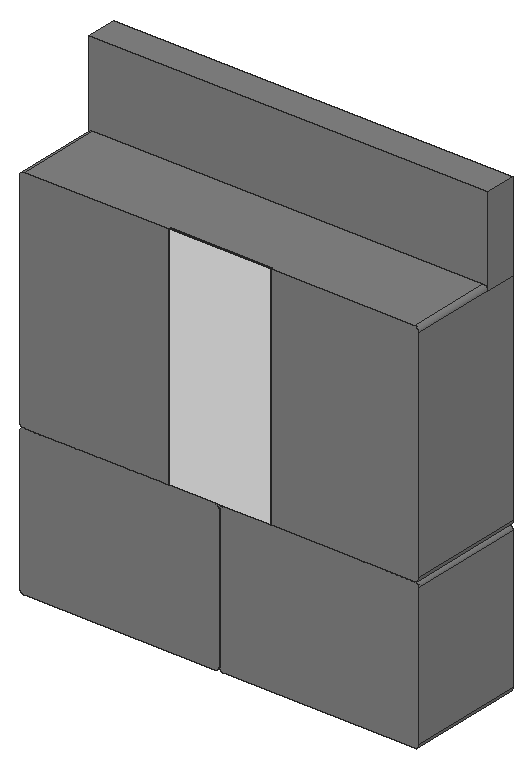
Revit family "Evoflat 4.0W_RFA_1", category Mechanical Equipment, Revit 2019
Family settings
  Round Connector Dimension = Use Diameter
  Classification = None
  Part Type = Normal
  OmniClass Number = 23.75.65.11.11
  OmniClass Title = Heating Controllers
  Work Plane-Based = No
  Always vertical = Yes
  Cut with Voids When Loaded = No
  Shared = No
  Room Calculation Point = No
Parameters (values of type "Evoflat 4.0W_Type 1_Cu_183B3000")
  Weight = 9.30 kg  # constant formula
  W1 = 44 mm
  W = 155 mm
  Voltage = 230 V
  URL = "https://store.danfoss.com/en/Climate-Solutions-for-heating/Stations/Instantaneous-water-heaters-with-heat-exchanger/c/4063?q=%3Arelevance%3Adanfoss_producttypehierarchydesc%3AEvoFlat+4.0W&text="
  Type Image = <None>
  Type Comments = ""
  Top [instance] = if(or(Clearance Zone Visibility, Clearance Zone Top Visibility), 1 = 1, 1 = 0)  # no
  Right [instance] = if(or(Clearance Zone Visibility, Clearance Zone Right Visibility), 1 = 1, 1 = 0)  # no
  Pressure Drop (HE) [instance] = 0.0 Pa
  Pressure Drop (DHW) [instance] = 0.0 Pa
  Pressure Drop (DCW) [instance] = 0.0 Pa
  Power [instance] = 0 VA
  Nut size = 30 mm
  Nominal Pressure = "PN 10"  # constant formula
  Model Type = "Evoflat 4.0W_Type 1_Cu"
  Model (Austria) = "183B3004"
  Model = "183B3000"
  Max Supply Temperature = "95 °C"  # constant formula
  Manufacturer = "Danfoss"  # constant formula
  Left [instance] = if(or(Clearance Zone Visibility, Clearance Zone Left Visibility), 1 = 1, 1 = 0)  # no
  LOD 350 = not(LOD 200)  # yes
  LOD 200 = no
  L1a = 44 mm
  L1 = 96 mm
  L = 530 mm
  Insulation Material = Danfoss EPP insulation
  IfcExportType = "EvoFlat 4.0 W"  # constant formula
  IfcExportAs = "IfcFlowController"  # constant formula
  HEX material = Danfoss Copper
  H3 = 111 mm
  H2 = 8 mm
  H1 = 10 mm
  H = 613 mm
  Front [instance] = if(or(Clearance Zone Visibility, Clearance Zone Front Visibility), 1 = 1, 1 = 0)  # no
  Flow (HE) [instance] = 0.0 L/s
  Flow (DHW) [instance] = 0.0 L/s
  Flow (DCW) [instance] = 0.0 L/s
  Description = "Flat Station"  # constant formula
  DHW capacity = 43 kW
  DHW Temperature DHS/DHR = "65/16 °C"
  DHW Tap Load 50°C = "15.4 l/min"
  DHW Pressure Loss Primary = "32 kPa"
  DHW Flow Rate Primary = "750 l/h"
  D = 20 mm
  Connection = "G 3/4 Internal Thread"  # constant formula
  Clearance Zone Visibility [instance] = no
  Clearance Zone Top Visibility [instance] = no
  Clearance Zone Top [instance] = 25 mm
  Clearance Zone Right Visibility [instance] = no
  Clearance Zone Right [instance] = 50 mm
  Clearance Zone Left Visibility [instance] = no
  Clearance Zone Left [instance] = 50 mm
  Clearance Zone Front Visibility [instance] = no
  Clearance Zone Front [instance] = 150 mm
  Clearance Zone Bottom Visibility [instance] = no
  Clearance Zone Bottom [instance] = 25 mm
  Bottom [instance] = if(or(Clearance Zone Visibility, Clearance Zone Bottom Visibility), 1 = 1, 1 = 0)  # no
  Assembly Code = ""
Types (8, lengths in mm): name | Model Type | Model (Austria) | Model | HEX material | DHW capacity | DHW Temperature DHS/DHR | DHW Tap Load 50°C | DHW Pressure Loss Primary | DHW Flow Rate Primary
  Evoflat 4.0W_Type 1_Cu_183B3000 | "Evoflat 4.0W_Type 1_Cu" | "183B3004" | "183B3000" | Danfoss Copper | 43 kW | "65/16 °C" | "15.4 l/min" | "32 kPa" | "750 l/h"
  Evoflat 4.0W_Type 3_Cu_183B3002 | "Evoflat 4.0W_Type 3_Cu" | "183B3006" | "183B3002" | Danfoss Copper | 55 kW | "65/15 °C" | "19.8 l/min" | "40 kPa" | "943 l/h"
  Evoflat 4.0W_Type 2_Cu_183B3001 | "Evoflat 4.0W_Type 2_Cu" | "183B3005" | "183B3001" | Danfoss Copper | 49 kW | "65/15 °C" | "17.6 l/min" | "35 kPa" | "844 l/h"
  Evoflat 4.0W_Type 4_Cu_183B3003 | "Evoflat 4.0W_Type 4_Cu" | "183B3007" | "183B3003" | Danfoss Copper | 70 kW | "65/14 °C" | "25.2 l/min" | "57 kPa" | "1197 l/h"
  Evoflat 4.0W_Type 1_Sts_183B3500 | "Evoflat 4.0W_Type 1_Sts" | "183B3504" | "183B3500" | Danfoss Stainless Steel | 43 kW | "65/16 °C" | "15.4 l/min" | "32 kPa" | "750 l/h"
  Evoflat 4.0W_Type 2_Sts_183B3501 | "Evoflat 4.0W_Type 2_Sts" | "183B3505" | "183B3501" | Danfoss Stainless Steel | 49 kW | "65/15 °C" | "17.6 l/min" | "35 kPa" | "844 l/h"
  Evoflat 4.0W_Type 3_Sts_183B3502 | "Evoflat 4.0W_Type 3_Sts" | "183B3506" | "183B3502" | Danfoss Stainless Steel | 55 kW | "65/15 °C" | "19.8 l/min" | "40 kPa" | "943 l/h"
  Evoflat 4.0W_Type 4_Sts_183B3503 | "Evoflat 4.0W_Type 4_Sts" | "183B3507" | "183B3503" | Danfoss Stainless Steel | 70 kW | "65/14 °C" | "25.2 l/min" | "57 kPa" | "1197 l/h"
Reference planes
  plane 1 "Center (Front/Back)": y = 0
  plane 2: z = 0
  plane 3 "Center (Left/Right)": x = 0
  plane 4: y = -44
  plane 5: x = -265
  plane 6: x = 265
  plane 7: z = 613
  plane 8: y = -155
  plane 9: z = 10
  plane 10: z = -8
  plane 11: z = 502
  plane 12: x = -169
  plane 13: x = 221
  plane 14: y = -41.5
  plane 15: z = 198
Forms (mm)
  Extrusion 1, solid, material "Danfoss EPP insulation", visible <- "LOD 200", detail levels fine
    sketch origin (0, 0, 0) x (1, 0, 0) y (0, 0, 1)
      loop
        line (-265, 502) -> (-265, 0) -> (265, 0) -> (265, 502) -> (-265, 502)
    from 0 to 155 <- "W"
  Extrusion 2, solid, material "Danfoss Brass", detail levels fine
    sketch origin (0, 0, 0) x (1, 0, 0) y (0, 1, 0)
      loop
        line (-169, -26.679) -> (-184, -35.34) -> (-184, -52.66) -> (-169, -61.321) -> (-154, -52.66) -> (-154, -35.34) -> (-169, -26.679)
    from -8 to 10
  Extrusion 3, solid, visible <- "Front"
    sketch origin (15, -155, 238.394) x (1, 0, 0) y (0, 0, 1)
      loop
        line (-280, 374.606) -> (-280, -238.394) -> (250, -238.394) -> (250, 374.606) -> (-280, 374.606)
    from 150 <- "Clearance Zone Front" to 0
  Extrusion 4, solid, visible <- "Right"
    sketch origin (0, 0, 0) x (1, 0, 0) y (0, 0, 1)
      loop
        line (265, 613) -> (265, 0) -> (315, 0) -> (315, 613) -> (265, 613)
    from 155 <- "W" to 0
  Extrusion 5, solid, visible <- "Left"
    sketch origin (0, 0, 0) x (1, 0, 0) y (0, 0, 1)
      loop
        line (-265, 613) -> (-315, 613) -> (-315, 0) -> (-265, 0) -> (-265, 613)
    from 155 <- "W" to 0
  Extrusion 6, solid, visible <- "Top"
    sketch origin (0, 0, 0) x (1, 0, 0) y (0, 0, 1)
      loop
        line (-265, 613) -> (265, 613) -> (265, 638) -> (-265, 638) -> (-265, 613)
    from 155 <- "W" to 0
  Extrusion 7, solid, visible <- "Bottom"
    sketch origin (0, 0, 0) x (1, 0, 0) y (0, 0, 1)
      loop
        line (-265, 0) -> (-265, -25) -> (265, -25) -> (265, 0) -> (-265, 0)
    from 155 <- "W" to 0
  Extrusion 8, solid, material "Danfoss Brass", detail levels fine
    sketch origin (65, 0, 0) x (1, 0, 0) y (0, 1, 0)
      loop
        line (-169, -26.679) -> (-184, -35.34) -> (-184, -52.66) -> (-169, -61.321) -> (-154, -52.66) -> (-154, -35.34) -> (-169, -26.679)
    from -8 to 10
  Extrusion 9, solid, material "Danfoss Brass", detail levels fine
    sketch origin (130, 0, 0) x (1, 0, 0) y (0, 1, 0)
      loop
        line (-169, -26.679) -> (-184, -35.34) -> (-184, -52.66) -> (-169, -61.321) -> (-154, -52.66) -> (-154, -35.34) -> (-169, -26.679)
    from -8 to 10
  Extrusion 10, solid, material "Danfoss Brass", detail levels fine
    sketch origin (195, 0, 0) x (1, 0, 0) y (0, 1, 0)
      loop
        line (-169, -26.679) -> (-184, -35.34) -> (-184, -52.66) -> (-169, -61.321) -> (-154, -52.66) -> (-154, -35.34) -> (-169, -26.679)
    from -8 to 10
  Extrusion 11, solid, material "Danfoss Brass", detail levels fine
    sketch origin (260, 0, 0) x (1, 0, 0) y (0, 1, 0)
      loop
        line (-169, -26.679) -> (-184, -35.34) -> (-184, -52.66) -> (-169, -61.321) -> (-154, -52.66) -> (-154, -35.34) -> (-169, -26.679)
    from -8 to 10
  Extrusion 12, solid, material "Danfoss EPP insulation" <- "Insulation Material", visible <- "LOD 350", detail levels fine
    sketch origin (0, 0, 0) x (1, 0, 0) y (0, 0, 1)
      loop
        arc (-259, 502) -> (-263.243, 500.243) -> (-265, 496) r 6
        line (-265, 496) -> (-265, 204)
        arc (-265, 204) -> (-263.243, 199.757) -> (-259, 198) r 6
        line (-259, 198) -> (259, 198)
        arc (259, 198) -> (263.243, 199.757) -> (265, 204) r 6
        line (265, 204) -> (265, 496)
        arc (265, 496) -> (263.243, 500.243) -> (259, 502) r 6
        line (259, 502) -> (-259, 502)
    from 155 to 0
  Extrusion 13, solid, material "Danfoss EPP insulation" <- "Insulation Material", visible <- "LOD 350", detail levels fine
    sketch origin (0, 0, 0) x (1, 0, 0) y (0, 0, 1)
      loop
        arc (-259, 198) -> (-263.243, 196.243) -> (-265, 192) r 6
        line (-265, 192) -> (-265, 6)
        arc (-265, 6) -> (-263.243, 1.757) -> (-259, 0) r 6
        line (-259, 0) -> (-6, 0)
        arc (-6, 0) -> (-1.757, 1.757) -> (0, 6) r 6
        line (0, 6) -> (0, 192)
        arc (0, 192) -> (-1.757, 196.243) -> (-6, 198) r 6
        line (-6, 198) -> (-259, 198)
    from 155 to 0
  Extrusion 14, solid, material "Danfoss EPP insulation" <- "Insulation Material", visible <- "LOD 350", detail levels fine
    sketch origin (0, 0, 0) x (1, 0, 0) y (0, 0, 1)
      loop
        arc (6, 198) -> (1.757, 196.243) -> (0, 192) r 6
        line (0, 192) -> (0, 6)
        arc (0, 6) -> (1.757, 1.757) -> (6, 0) r 6
        line (6, 0) -> (259, 0)
        arc (259, 0) -> (263.243, 1.757) -> (265, 6) r 6
        line (265, 6) -> (265, 192)
        arc (265, 192) -> (263.243, 196.243) -> (259, 198) r 6
        line (259, 198) -> (6, 198)
    from 155 to 0
  Extrusion 15, solid, material "Danfoss EPP insulation" <- "Insulation Material", detail levels fine
    sketch origin (0, 0, 0) x (0, 1, 0) y (0, 0, 1)
      loop
        line (-41.5, 613) -> (-41.5, 496) -> (0, 496) -> (0, 613) -> (-41.5, 613)
    from 265 to -265
  Extrusion 16, void
    sketch origin (0, 0, 0) x (1, 0, 0) y (0, 0, 1)
      loop
        line (-67.5, 198) -> (67.5, 198) -> (67.5, 502) -> (-67.5, 502) -> (-67.5, 198)
    from 155 to 152
  Extrusion 17, solid, material "Danfoss Plastic White", visible <- "LOD 350", detail levels fine
    sketch origin (0, 0, 0) x (1, 0, 0) y (0, 0, 1)
      loop
        line (-67.5, 502) -> (-67.5, 198) -> (67.5, 198) -> (67.5, 502) -> (-67.5, 502)
    from 155 to 152
  Extrusion 18, solid, detail levels coarse+medium
    sketch origin (0, 0, 0) x (1, 0, 0) y (0, 0, 1)
      loop
        line (-265, 613) -> (-265, -8) -> (265, -8) -> (265, 613) -> (-265, 613)
    from 155 to 0
Cuts and joins
  Extrusion 16 cuts Extrusion 3
  Extrusion 16 cuts Extrusion 12
  Extrusion 16 cuts Extrusion 13
  Extrusion 16 cuts Extrusion 14
  Extrusion 16 cuts Extrusion 15
Dimensions and locks
  "Clearance Zone Right": Extrusion 4 sketch curve to Extrusion 3
  "Clearance Zone Left": Extrusion 5 sketch curve to Extrusion 3
  "H": plane 7 to plane 2
  equal spacing: plane 6, plane 3 "Center (Left/Right)", plane 5
  "L": plane 6 to plane 5
  "W": plane 8 to plane 1 "Center (Front/Back)"
  "H1": plane 9 to level
  "H2": plane 2 to plane 10
  "W1": plane 4 to plane 1 "Center (Front/Back)"
  "H3": plane 7 to plane 11
  "L1": plane 5 to plane 12
  "Nut size": Extrusion 2 sketch curve to Extrusion 2 sketch curve  (x3)
  "L1a": plane 13 to plane 6
  "Nut size": Extrusion 8 sketch curve to Extrusion 8 sketch curve  (x3)
  "Nut size": Extrusion 9 sketch curve to Extrusion 9 sketch curve  (x3)
  "Nut size": Extrusion 10 sketch curve to Extrusion 10 sketch curve  (x3)
  "Nut size": Extrusion 11 sketch curve to Extrusion 11 sketch curve  (x3)
  locked: plane 14 to plane 1 "Center (Front/Back)" at 41.5
  locked: plane 15 to plane 2 at 198
  level to Extrusion 12 = 502 mm
  equal spacing: Extrusion 16 sketch curve, plane 3 "Center (Left/Right)", Extrusion 16 sketch curve
  Extrusion 16 sketch curve to Extrusion 16 sketch curve = 135 mm
  plane 11 to Extrusion 15 sketch curve = 6 mm
  "Clearance Zone Bottom": plane 2 to Extrusion 7 sketch curve
  "Clearance Zone Top": Extrusion 6 sketch curve to plane 7
  radius of Extrusion 12 sketch curve = 6 mm  (x4)
  radius of Extrusion 13 sketch curve = 6 mm  (x4)
  radius of Extrusion 14 sketch curve = 6 mm  (x4)
  angle Extrusion 2 sketch curve to Extrusion 2 sketch curve = 120.00°  (x3)
  angle Extrusion 8 sketch curve to Extrusion 8 sketch curve = 120.00°  (x3)
  angle Extrusion 9 sketch curve to Extrusion 9 sketch curve = 120.00°  (x3)
  angle Extrusion 10 sketch curve to Extrusion 10 sketch curve = 120.00°  (x3)
  angle Extrusion 11 sketch curve to Extrusion 11 sketch curve = 120.00°  (x3)
  aligned and locked: level to plane 2
  aligned and locked: Extrusion 3 sketch curve to Extrusion 1  (x2)
  aligned and locked: plane 2 to Extrusion 1 sketch curve
  aligned and locked: plane 5 to Extrusion 1 sketch curve
  aligned and locked: Extrusion 1 sketch curve to plane 6
  aligned and locked: plane 9 to Extrusion 2
  aligned and locked: Extrusion 2 to plane 10
  aligned and locked: plane 12 to Extrusion 2
  aligned and locked: plane 15 to Extrusion 12 sketch curve
  aligned and locked: Extrusion 12 sketch curve to plane 6
  aligned and locked: plane 8 to Extrusion 12
  aligned and locked: Extrusion 12 to plane 1 "Center (Front/Back)"
  aligned and locked: Extrusion 13 sketch curve to plane 15
  aligned and locked: plane 5 to Extrusion 13 sketch curve
  aligned and locked: Extrusion 13 sketch curve to plane 3 "Center (Left/Right)"
  aligned and locked: Extrusion 13 to plane 1 "Center (Front/Back)"
  aligned and locked: plane 8 to Extrusion 13
  aligned and locked: Extrusion 12 to Extrusion 14 sketch curve
  aligned and locked: plane 3 "Center (Left/Right)" to Extrusion 14 sketch curve
  aligned and locked: Extrusion 14 to plane 1 "Center (Front/Back)"
  aligned and locked: plane 8 to Extrusion 14
  aligned and locked: Extrusion 1 sketch curve to plane 11
  aligned and locked: Extrusion 15 sketch curve to plane 7
  aligned and locked: Extrusion 15 sketch curve to plane 14
  aligned and locked: Extrusion 15 sketch curve to Extrusion 1
  aligned and locked: Extrusion 15 to plane 5
  aligned and locked: plane 6 to Extrusion 15
  aligned and locked: Extrusion 16 sketch curve to plane 11
  aligned and locked: Extrusion 16 sketch curve to plane 15
  aligned and locked: Extrusion 17 sketch curve to cut or joined group of Extrusion 12, Extrusion 16
  aligned and locked: plane 8 to Extrusion 17
  aligned and locked: Extrusion 4 to Extrusion 16
  aligned and locked: Extrusion 3 sketch curve to plane 7
  aligned and locked: plane 2 to Extrusion 3 sketch curve
  aligned and locked: plane 2 to Extrusion 4 sketch curve
  aligned and locked: Extrusion 4 sketch curve to plane 7
  aligned and locked: plane 6 to Extrusion 4 sketch curve
  aligned and locked: Extrusion 5 sketch curve to plane 2
  aligned and locked: plane 7 to Extrusion 5 sketch curve
  aligned and locked: plane 5 to Extrusion 5 sketch curve
  aligned and locked: Extrusion 7 sketch curve to plane 2
  aligned and locked: plane 5 to Extrusion 7 sketch curve
  aligned and locked: Extrusion 7 sketch curve to plane 6
  aligned and locked: Extrusion 6 sketch curve to plane 7
  aligned and locked: Extrusion 6 sketch curve to plane 5
  aligned and locked: plane 6 to Extrusion 6 sketch curve
  aligned and locked: Extrusion 18 sketch curve to cut or joined group of Extrusion 15, Extrusion 16  (x2)
  aligned and locked: plane 10 to Extrusion 18 sketch curve
  aligned and locked: Extrusion 18 sketch curve to plane 6
  aligned and locked: Extrusion 18 to Extrusion 1
Automatic sketch dimensions
  Extrusion 2 sketch curve to Extrusion 2 sketch curve = 15 mm
  Extrusion 8 sketch curve to Extrusion 8 sketch curve = 15 mm
  Extrusion 9 sketch curve to Extrusion 9 sketch curve = 15 mm
  Extrusion 10 sketch curve to Extrusion 10 sketch curve = 15 mm
  Extrusion 11 sketch curve to Extrusion 11 sketch curve = 15 mm
  Extrusion 12 sketch curve to plane 5 = 0 mm
  Extrusion 12 sketch curve to plane 11 = 0 mm
  Extrusion 13 sketch curve to level = 0 mm
  Extrusion 14 sketch curve to level = 0 mm
  Extrusion 14 sketch curve to plane 6 = 0 mm
  Extrusion 17 sketch curve to plane 11 = 0 mm
  Extrusion 17 sketch curve to plane 3 "Center (Left/Right)" = 67.5 mm
  plane 3 "Center (Left/Right)" to Extrusion 17 sketch curve = 67.5 mm
Connectors
  piping at (-169, -44, -8), diameter 20, driven by "D", driven by "Flow (DCW)"
    settings: on Extrusion 2, index 1, connector inside diameter 609.6 mm, connector length 0 mm, flow factor 0, pipe flow 0.0 L/s, pressure drop 0.0 Pa, fitting loss kfactor 0, connector angle 0.00°, fixture units 0, engagement length 0 mm, angle of deflection 0.00°, flow configuration 0, flow direction 1, fitting loss method 0, system type 20, joint type 0, gender type 0, connector reference index -1, connector utility 0, adjustable connector no, is connector primary yes, connector description ""
  piping at (-104, -44, -8), diameter 20, driven by "D", driven by "Flow (DHW)"
    settings: on Extrusion 8, index 2, connector inside diameter 609.6 mm, connector length 0 mm, flow factor 0, pipe flow 0.0 L/s, pressure drop 0.0 Pa, fitting loss kfactor 0, connector angle 0.00°, fixture units 0, engagement length 0 mm, angle of deflection 0.00°, flow configuration 0, flow direction 2, fitting loss method 0, system type 19, joint type 0, gender type 0, connector reference index -1, connector utility 0, adjustable connector no, is connector primary no, connector description ""
  piping at (-39, -44, -8), diameter 20, driven by "D", driven by "Flow (DCW)"
    settings: on Extrusion 9, index 3, connector inside diameter 609.6 mm, connector length 0 mm, flow factor 0, pipe flow 0.0 L/s, pressure drop 0.0 Pa, fitting loss kfactor 0, connector angle 0.00°, fixture units 0, engagement length 0 mm, angle of deflection 0.00°, flow configuration 0, flow direction 2, fitting loss method 0, system type 20, joint type 0, gender type 0, connector reference index -1, connector utility 0, adjustable connector no, is connector primary no, connector description ""
  piping at (26, -44, -8), diameter 20, driven by "D", driven by "Flow (HE)"
    settings: on Extrusion 10, index 4, connector inside diameter 609.6 mm, connector length 0 mm, flow factor 0, pipe flow 0.0 L/s, pressure drop 0.0 Pa, fitting loss kfactor 0, connector angle 0.00°, fixture units 0, engagement length 0 mm, angle of deflection 0.00°, flow configuration 0, flow direction 1, fitting loss method 0, system type 7, joint type 0, gender type 0, connector reference index -1, connector utility 0, adjustable connector no, is connector primary no, connector description ""
  piping at (91, -44, -8), diameter 20, driven by "D", driven by "Flow (HE)"
    settings: on Extrusion 11, index 5, connector inside diameter 609.6 mm, connector length 0 mm, flow factor 0, pipe flow 0.0 L/s, pressure drop 0.0 Pa, fitting loss kfactor 0, connector angle 0.00°, fixture units 0, engagement length 0 mm, angle of deflection 0.00°, flow configuration 0, flow direction 2, fitting loss method 0, system type 8, joint type 0, gender type 0, connector reference index -1, connector utility 0, adjustable connector no, is connector primary no, connector description ""
  electrical at (0, 0, 0), driven by "Voltage", driven by "Power"
    settings: index 6, voltage 230 V, apparent load 0 VA, apparent load phase1 0 VA, apparent load phase2 0 VA, apparent load phase3 0 VA, power factor 0.95, load classification "HVAC", number of poles 1, system type 31, power factor state 1, is connector primary yes, connector utility no, sub classification motor no, connector description ""
